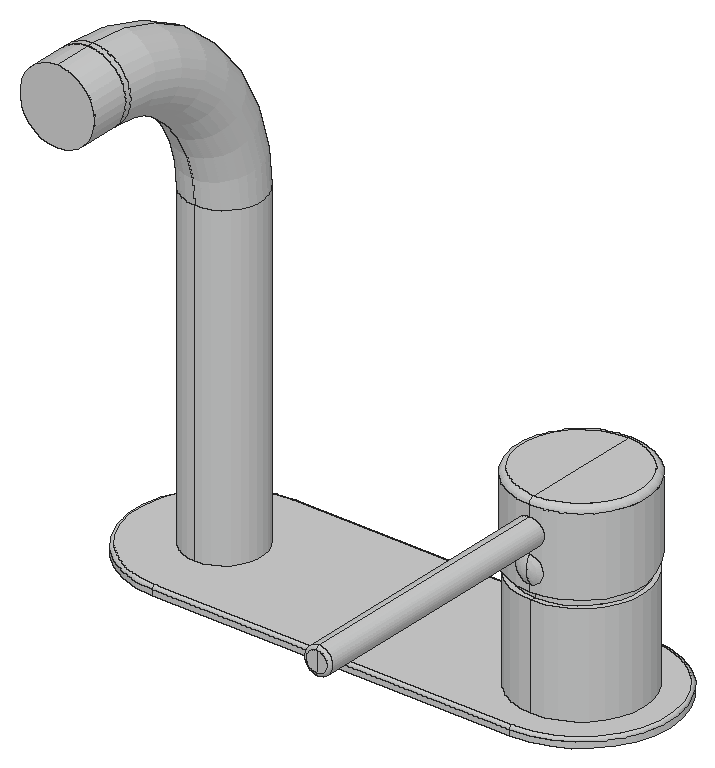
Revit family "MixerSet_Wall_Abey_LuciaBuilders_165_FaceBased", category Plumbing Fixtures, host Face, Revit 2022
Family settings
  Host = Face
  Round Connector Dimension = Use Diameter
  Part Type = Normal
  OmniClass Number = 23.31.11.19
  OmniClass Title = Faucet Mixing Valves
  Cut with Voids When Loaded = Yes
  Maintain Annotation Orientation = No
  Shared = No
  Room Calculation Point = No
Parameters (values of type "Chrome (4WS-EXT-165-LF)")
  Waste Connection = no
  Vent Connection = no
  Uniclass2015Version = "Products v1.38"
  Uniclass2015Title = "Mixer taps"
  Uniclass2015Code = "Pr_40_20_87_55"
  URL = "https://www.abey.com.au/"
  Type Comments = "Mixer Set - Wall - 165 - Chrome"
  ModifiedIssue = 20251103
  Model = "4WS-EXT-165-LF"
  Material = Metal_Abey_Chrome
  ManufacturerURLProductSpecific = "https://www.abeyspecifier.com.au/product/lucia-builders-wall-mixer-with-spout-external-only-165mm/"
  ManufacturerSpecCode = Model  # "4WS-EXT-165-LF"
  ManufacturerOverallWidth = 180 mm  # constant formula
  ManufacturerOverallHeight = 141 mm  # constant formula
  ManufacturerOverallDepth = 177.5 mm  # constant formula
  Manufacturer = "Abey"
  Keynote = ""
  IfcExportType = "FAUCET"
  IfcExportAs = "IfcValve"
  HW Connection = yes
  Description = "Lucia Builders Wall Mixer with Spout 165mm Chrome"
  Default Elevation = 1050 mm
  CreatedByURL = "https://igsgroup.com.au"
  CreatedBy = "IGS BIM Solutions"  # constant formula
  Cost = 0
  CW Connection = yes
  Assembly Code = "C1030210"
Types (3, lengths in mm): name | Type Comments | Model | Material | ManufacturerURLProductSpecific | ManufacturerSpecCode | Description
  Chrome (4WS-EXT-165-LF) | "Mixer Set - Wall - 165 - Chrome" | "4WS-EXT-165-LF" | Metal_Abey_Chrome | "https://www.abeyspecifier.com.au/product/lucia-builders-wall-mixer-with-spout-external-only-165mm/" | "4WS-EXT-165-LF" | "Lucia Builders Wall Mixer with Spout 165mm Chrome"
  Brushed Nickel (4WS-EXT-165-BN-LF) | "Mixer Set - Wall - 165 - Brushed Nickel" | "4WS-EXT-165-BN-LF" | Metal_Abey_BrushedNickel | "https://www.abeyspecifier.com.au/product/lucia-builders-wall-mixer-with-spout-external-only-165mm-3/" | "4WS-EXT-165-BN-LF" | "Lucia Builders Wall Mixer with Spout 165mm Brushed Nickel"
  Black (4WS-EXT-165-B-LF) | "Mixer Set - Wall - 165 - Black" | "4WS-EXT-165-B-LF" | Metal_Abey_Black | "https://www.abeyspecifier.com.au/product/lucia-builders-wall-mixer-with-spout-external-only-165mm-2/" | "4WS-EXT-165-B-LF" | "Lucia Builders Wall Mixer with Spout 165mm Black"
Reference planes
  plane 1 "Top": y = 31.5
  plane 2 "WallFace": z = 0
  plane 3 "Center (Left/Right)": x = -97.18
  plane 4 "Bottom": y = -109.5
  plane 5 "Left": x = -187.18
  plane 6 "Right": x = -7.18
  plane 7 "Back": z = 0
  plane 8 "Front": z = 177.5
  plane 9 "MountingHeight": y = 1.5
Forms (mm)
  Extrusion 1, void
    sketch origin (0, 0, 0) x (1, 0, 0) y (0, 1, 0)
      loop
        circle (-157.18, 1.5) r 15
    from 0 to -30
Text (mm)
  text "Disclaimer:\nDue to ongoing product development and manufacturing evolution, product details are subject to change without notice. Please refer to product technical data sheets on the manufacturers website for the most current product information. Please allow a +/- 5mm manufacturing tolerance for dimensions and set-outs shown in product literature." at (431.593, 11.453, 0), in view "Ref. Level"
Dimensions and locks
  equal spacing: plane 5 "Left", plane 3 "Center (Left/Right)", plane 6 "Right"
  "ManufacturerOverallWidth": plane 5 "Left" to plane 6 "Right"
  "ManufacturerOverallHeight": plane 4 "Bottom" to plane 1 "Top"
  "ManufacturerOverallDepth": plane 8 "Front" to plane 7 "Back"
  locked: plane 9 "MountingHeight" to plane 1 "Top" at 30
  aligned and locked: plane 2 "WallFace" to host face
  aligned and locked: level to host face
  aligned and locked: plane 7 "Back" to plane 2 "WallFace"
  aligned and locked: plane 7 "Back" to nested 1
  aligned and locked: plane 3 "Center (Left/Right)" to nested 1
  aligned and locked: nested 1 to plane 9 "MountingHeight"
Automatic sketch dimensions
  host sketch curve to host sketch curve = 329.098 mm
  host sketch curve to host sketch curve = 282.2 mm
  Extrusion 1 sketch curve to plane 9 "MountingHeight" = 0 mm
  Extrusion 1 sketch curve to plane 5 "Left" = 30 mm
  radius of Extrusion 1 sketch curve = 15 mm
Nested families
  nested 1: "z_MixerSet_Wall_Abey_LuciaBuilders_165" at (-92.174, 1.5, 305) x (1, 0, 0) z (0, 1, 0), type "Type 1"
Connectors
  piping at (-164.53, 1.5, -1), diameter 12.7, driven by "HW Connection"
    settings: on nested 1, index 1, connector inside diameter 24", connector length 0 mm, flow factor 0, pipe flow 0.00 L/s, pressure drop 0 kPa, fitting loss kfactor 0, connector angle 0.00°, fixture units 0, engagement length 0 mm, angle of deflection 0.00°, flow configuration 2, flow direction 1, fitting loss method 0, system type 19, joint type 0, gender type 0, connector reference index -1, connector utility 1, adjustable connector no, is connector primary yes, connector description "Hot Water Supply"
  piping at (-149.83, 1.5, -1), diameter 12.7, driven by "CW Connection"
    settings: on nested 1, index 2, connector inside diameter 24", connector length 0 mm, flow factor 0, pipe flow 0.00 L/s, pressure drop 0 kPa, fitting loss kfactor 0, connector angle 0.00°, fixture units 0, engagement length 0 mm, angle of deflection 0.00°, flow configuration 2, flow direction 1, fitting loss method 0, system type 20, joint type 0, gender type 0, connector reference index -1, connector utility 1, adjustable connector no, is connector primary no, connector description "Cold Water Supply"
Definition of nested family "z_MixerSet_Wall_Abey_LuciaBuilders_165"
  Parameters (values of type "Type 1")
    Waste Connection = no
    Vent Connection = no
    URL = "https://www.abey.com.au/"
    Type Comments = ""
    Model = ""
    ManufacturerOverallWidth = 180 mm  # constant formula
    ManufacturerOverallHeight = 141 mm  # constant formula
    ManufacturerOverallDepth = 177.5 mm  # constant formula
    Manufacturer = "Abey"
    HW Connection = yes
    Description = ""
    Default Elevation = 0 mm
    CreatedByURL = "https://igsgroup.com.au"
    CreatedBy = "IGS BIM Solutions"  # constant formula
    CW Connection = yes
    Material = none
    Assembly Code = ""
  Reference planes
    plane 1 "Ref. Level": z = 0
    plane 2 "Left": x = -95.006
    plane 3 "Back": y = 305
    plane 4 "SpoutCenter": y = 140
    plane 5 "SpoutCenter (Left/Right)": x = -65.006
    plane 6 "Front": y = 127.5
    plane 7 "Right": x = 84.994
    plane 8 "Top": z = 30
    plane 9 "MountingHeight": z = 0
    plane 10 "LeverCenter (Left/Right)": x = 54.994
    plane 11 "Center (Left/Right)": x = -5.006
    plane 12 "Bottom": z = -111
  Forms (mm)
    Extrusion 1, solid, material <- "Material"
      sketch origin (-45.006, 305, 1015.5) x (-1, 0, 0) y (0, 0, 1)
        loop
          circle (12.65, -1015.5) r 6.35
        loop
          circle (27.35, -1015.5) r 6.35
      from 0 to 1
    Sweep 2, solid, material <- "Material"
      path origin (-65.006, 1216.962, 4160) x (0, 1, 0) y (0, 0, 1)
        loop
          line (-911.962, -4160) -> (-1021.962, -4160)
          arc (-1021.962, -4160) -> (-1060.853, -4176.109) -> (-1076.962, -4215) r 55
          line (-1076.962, -4215) -> (-1076.962, -4217)
      profile origin (-65.006, 250, 0) x (0, 0, -1) y (1, 0, 0)
        loop
          circle (0, 0) r 12.5
    Extrusion 3, solid, material <- "Material"
      sketch origin (0, -1484, -81) x (0, -1, 0) y (-1, 0, 0)
        loop
          circle (-1624, 65.006) r 12.5
      from -11 to -24
    Sweep 4, solid, material <- "Material"
      path origin (-200, 305, 170) x (1, 0, 0) y (0, 0, 1)
        loop
          arc (134.994, -140) -> (104.994, -170) -> (134.994, -200) r 30
          line (134.994, -200) -> (254.994, -200)
          arc (254.994, -200) -> (284.994, -170) -> (254.994, -140) r 30
          line (254.994, -140) -> (134.994, -140)
      profile origin (-5.006, 305, 30) x (0, 0, 1) y (0, -1, 0)
        loop
          line (0, 0) -> (0, 2)
          arc (0, 2) -> (-0.293, 2.707) -> (-1, 3) r 1
          line (-1, 3) -> (-10, 3) -> (-10, 0) -> (0, 0)
    Extrusion 5, solid, material <- "Material"
      sketch origin (44.994, 295, 1050) x (0, 0, 1) y (1, 0, 0)
        loop
          line (-1030, -110) -> (-1030, 10)
          arc (-1030, 10) -> (-1050, 30) -> (-1070, 10) r 20
          line (-1070, 10) -> (-1070, -110)
          arc (-1070, -110) -> (-1050, -130) -> (-1030, -110) r 20
      from 7 to 10
    Revolve 6, solid, material <- "Material"
      sketch origin (54.994, 0, 0) x (0, 1, 0) y (0, 0, 1)
        loop
          line (302, 0) -> (302, 21) -> (268, 21) -> (268, 19.25)
          arc (268, 19.25) -> (263.795, 18.716) -> (260, 16.829) r 12.712
          line (260, 16.829) -> (260, 0) -> (268, 0) -> (302, 0)
        axis (260, 0) -> (302, 0)
      angle from 0 to 360
    Revolve 7, solid, material <- "Material"
      sketch origin (54.994, 0, 0) x (0, 1, 0) y (0, 0, 1)
        loop
          line (265, 0) -> (265, 21.768) -> (239, 21.768)
          arc (239, 21.768) -> (237.586, 21.183) -> (237, 19.768) r 2
          line (237, 19.768) -> (237, 0) -> (265, 0)
        axis (237, 0) -> (265, 0)
      angle from 0 to 360
    Revolve 8, solid, material <- "Material"
      sketch origin (54.994, 0, 0) x (0, 1, 0) y (0, 0, 1)
        loop
          line (247, -111) -> (247, -13.546) -> (242.5, -13.546) -> (242.5, -110)
          arc (242.5, -110) -> (242.793, -110.707) -> (243.5, -111) r 1
          line (243.5, -111) -> (247, -111)
        axis (247, -111) -> (247, -13.546)
      angle from 0 to 360
    Extrusion 9, void
      sketch origin (54.994, 1216.962, 4153.735) x (0, 1, 0) y (0, 0, 1)
        loop
          line (-951.962, -4153.735) -> (-951.962, -4131.077) -> (-958.459, -4131.077) -> (-951.962, -4153.735)
      from -30 to 30
    Revolve 10, solid, material <- "Material"
      sketch origin (54.994, 0, 0) x (0, 1, 0) y (0, 0, 1)
        loop
          line (260.75, -21.768) -> (260.75, -16.768) -> (258.25, -16.768) -> (258.25, -21.768) -> (258.25, -23.056)
          arc (258.25, -23.056) -> (260.59, -22.728) -> (262.75, -21.768) r 8.507
          line (262.75, -21.768) -> (260.75, -21.768)
        axis (258.25, -23.056) -> (258.25, -16.768)
      angle from 0 to 360
  Cuts and joins
    Extrusion 9 cuts Revolve 7
    joined: Sweep 2, Sweep 4, Extrusion 5, Revolve 6, Revolve 7, Revolve 8
  Lines and regions (mm)
    Masking region 1
      outline origin (0, 0, 30) x (0, -1, 0) y (1, 0, 0)
        loop
          line (-305, -95.006) -> (-303, -95.006)
          arc (-303, -95.006) -> (-302.293, -94.713) -> (-302, -94.006) r 1
          line (-302, -94.006) -> (-302, -77.506) -> (-140, -77.506)
          arc (-140, -77.506) -> (-127.5, -65.006) -> (-140, -52.506) r 12.5
          line (-140, -52.506) -> (-302, -52.506) -> (-302, 33.994) -> (-268, 33.994) -> (-268, 35.744)
          arc (-268, 35.744) -> (-266.494, 35.766) -> (-265, 35.959) r 13.298
          line (-265, 35.959) -> (-265, 33.225) -> (-239, 33.225)
          arc (-239, 33.225) -> (-237.586, 33.811) -> (-237, 35.225) r 2
          line (-237, 35.225) -> (-237, 74.762)
          arc (-237, 74.762) -> (-237.586, 76.176) -> (-239, 76.762) r 2
          line (-239, 76.762) -> (-265, 76.762) -> (-265, 74.028)
          arc (-265, 74.028) -> (-266.494, 74.221) -> (-268, 74.244) r 13.298
          line (-268, 74.244) -> (-268, 75.994) -> (-302, 75.994) -> (-302, 83.994)
          arc (-302, 83.994) -> (-302.293, 84.701) -> (-303, 84.994) r 1
          line (-303, 84.994) -> (-305, 84.994) -> (-305, -95.006)
    symbolic lines, detail levels medium+fine
      curve 1: line (-77.506, 302, 30) -> (-52.506, 302, 30)
      curve 3: line (33.994, 302, 30) -> (75.994, 302, 30)
      curve 4: line (35.744, 268, 30) -> (74.244, 268, 30)
      curve 5: spline (54.994, 258.745, 30) -> (52.1, 258.815, 30) -> (49.264, 258.989, 30) -> (46.534, 259.263, 30) -> (43.958, 259.633, 30) -> (41.578, 260.092, 30) -> (39.437, 260.633, 30) -> (37.569, 261.247, 30) -> (36.008, 261.922, 30) -> (34.78, 262.648, 30) -> (33.906, 263.411, 30) -> (33.4, 264.2, 30) -> (33.273, 265, 30)
      curve 6: spline (35.958, 265, 30) -> (36.264, 264.349, 30) -> (36.866, 263.714, 30) -> (37.754, 263.105, 30) -> (38.913, 262.532, 30) -> (40.325, 262.004, 30) -> (41.968, 261.529, 30) -> (43.815, 261.115, 30) -> (45.837, 260.768, 30) -> (48.001, 260.495, 30) -> (50.273, 260.299, 30) -> (52.616, 260.183, 30) -> (54.994, 260.15, 30)
      curve 7: spline (76.715, 265, 30) -> (76.587, 264.2, 30) -> (76.082, 263.411, 30) -> (75.208, 262.648, 30) -> (73.979, 261.922, 30) -> (72.418, 261.247, 30) -> (70.551, 260.633, 30) -> (68.409, 260.092, 30) -> (66.03, 259.633, 30) -> (63.453, 259.263, 30) -> (60.724, 258.989, 30) -> (57.888, 258.815, 30) -> (54.994, 258.745, 30)
      curve 8: spline (54.994, 260.15, 30) -> (57.371, 260.183, 30) -> (59.715, 260.299, 30) -> (61.987, 260.495, 30) -> (64.151, 260.768, 30) -> (66.172, 261.115, 30) -> (68.019, 261.529, 30) -> (69.662, 262.004, 30) -> (71.074, 262.532, 30) -> (72.233, 263.105, 30) -> (73.121, 263.714, 30) -> (73.723, 264.349, 30) -> (74.03, 265, 30)
    symbolic lines
      curve 2: arc (-77.506, 127.5, 0) -> (-65.006, 127.5, 12.5) -> (-52.506, 127.5, 0) r 12.5
  Dimensions and locks
    "ManufacturerOverallDepth": plane 3 "Back" to plane 6 "Front"
    locked: plane 4 "SpoutCenter" to plane 6 "Front" at 12.5
    locked: plane 2 "Left" to plane 5 "SpoutCenter (Left/Right)" at 30
    "ManufacturerOverallWidth": plane 2 "Left" to plane 7 "Right"
    locked: plane 8 "Top" to plane 9 "MountingHeight" at 30
    plane 10 "LeverCenter (Left/Right)" to plane 7 "Right" = 30 mm
    equal spacing: plane 2 "Left", plane 11 "Center (Left/Right)", plane 7 "Right"
    "ManufacturerOverallHeight": plane 8 "Top" to plane 12 "Bottom"
    aligned and locked: level to plane 1 "Ref. Level"
  Automatic sketch dimensions
    Extrusion 1 sketch curve to level = 0 mm  (x2)
    plane 5 "SpoutCenter (Left/Right)" to Extrusion 1 sketch curve = 7.35 mm
    Extrusion 1 sketch curve to plane 5 "SpoutCenter (Left/Right)" = 7.35 mm
    Sweep 2 sketch curve to plane 5 "SpoutCenter (Left/Right)" = 0 mm
    Sweep 2 sketch curve to profile plane = 0 mm
    Extrusion 3 sketch curve to plane 4 "SpoutCenter" = 0 mm
    Extrusion 3 sketch curve to plane 5 "SpoutCenter (Left/Right)" = 0 mm
    curve 2 to level = 0 mm
    curve 2 to plane 5 "SpoutCenter (Left/Right)" = 0 mm
    plane 5 "SpoutCenter (Left/Right)" to curve 2 = 12.5 mm
    Sweep 2 sketch curve to plane 4 "SpoutCenter" = 0 mm
    Sweep 2 sketch curve to level = 0 mm
    Sweep 2 sketch curve to plane 3 "Back" = 0 mm
    Sweep 2 sketch curve to Sweep 2 sketch curve = 2 mm
    Sweep 4 sketch curve to plane 5 "SpoutCenter (Left/Right)" = 0 mm
    Sweep 4 sketch curve to plane 8 "Top" = 0 mm
    Sweep 4 sketch curve to level = 0 mm
    plane 7 "Right" to Sweep 4 sketch curve = 30 mm
    Sweep 4 sketch curve to plane 3 "Back" = 0 mm
    profile plane to Sweep 4 sketch curve = 0 mm
    profile plane to Sweep 4 sketch curve = 1 mm
    Sweep 4 sketch curve to Sweep 4 sketch curve = 9 mm
    plane 3 "Back" to Sweep 4 sketch curve = 2 mm
    Extrusion 5 sketch curve to plane 5 "SpoutCenter (Left/Right)" = 0 mm
    Extrusion 5 sketch curve to level = 0 mm
    Extrusion 5 sketch curve to Extrusion 5 sketch curve = 20 mm
    plane 7 "Right" to Extrusion 5 sketch curve = 30 mm
    Revolve 6 sketch curve to level = 0 mm  (x2)
    plane 3 "Back" to Revolve 6 sketch curve = 45 mm
    Revolve 6 sketch curve to Revolve 6 sketch curve = 7.477 mm
    Revolve 6 sketch curve to Revolve 6 sketch curve = 8 mm
    Revolve 6 sketch curve to Revolve 6 sketch curve = 0.523 mm
    plane 3 "Back" to Revolve 6 sketch curve = 3 mm
    level to Revolve 6 sketch curve = 6.549 mm
    Revolve 6 sketch curve to Revolve 6 sketch curve = 10.28 mm
    Revolve 6 sketch curve to Revolve 6 sketch curve = 1.75 mm
    Revolve 6 sketch curve to Revolve 6 sketch curve = 0 mm
    Revolve 6 sketch curve to Revolve 6 sketch curve = 7.352 mm
    Revolve 7 sketch curve to level = 0 mm  (x2)
    plane 3 "Back" to Revolve 7 sketch curve = 68 mm
    Revolve 7 sketch curve to Revolve 7 sketch curve = 2 mm
    plane 8 "Top" to Revolve 7 sketch curve = 8.232 mm
    Revolve 7 sketch curve to Revolve 7 sketch curve = 26 mm
    Revolve 7 sketch curve to Revolve 7 sketch curve = 0 mm
    Revolve 7 sketch curve to Revolve 7 sketch curve = 8.533 mm
    Revolve 8 sketch curve to level = 13.546 mm
    plane 3 "Back" to Revolve 8 sketch curve = 62.5 mm
    Revolve 8 sketch curve to Revolve 8 sketch curve = 1 mm
    Revolve 8 sketch curve to Revolve 8 sketch curve = 4.5 mm
    Revolve 8 sketch curve to Revolve 8 sketch curve = 0 mm
    Extrusion 9 sketch curve to level = 0 mm
    plane 3 "Back" to Extrusion 9 sketch curve = 40 mm
    plane 8 "Top" to Extrusion 9 sketch curve = 7.342 mm
    Extrusion 9 sketch curve to Extrusion 9 sketch curve = 6.497 mm
    Revolve 10 sketch curve to level = 14.55 mm
    plane 3 "Back" to Revolve 10 sketch curve = 46.75 mm
    Revolve 10 sketch curve to Revolve 10 sketch curve = 2.5 mm
    Revolve 10 sketch curve to Revolve 10 sketch curve = 2 mm
    Revolve 10 sketch curve to Revolve 10 sketch curve = 2.219 mm
    Revolve 10 sketch curve to Revolve 10 sketch curve = 5 mm
    Revolve 10 sketch curve to Revolve 10 sketch curve = 1.288 mm
    Revolve 10 sketch curve to Revolve 10 sketch curve = 0 mm  (x3)
    plane 3 "Back" to Masking region 1 sketch curve = 0 mm
    Masking region 1 sketch curve to plane 2 "Left" = 0 mm
    Masking region 1 sketch curve to plane 7 "Right" = 0 mm
    Masking region 1 sketch curve to plane 4 "SpoutCenter" = 0 mm
    Masking region 1 sketch curve to plane 5 "SpoutCenter (Left/Right)" = 0 mm
    Masking region 1 sketch curve to Masking region 1 sketch curve = 2 mm  (x3)
    plane 3 "Back" to Masking region 1 sketch curve = 3 mm  (x2)
    Masking region 1 sketch curve to Masking region 1 sketch curve = 1 mm
    plane 7 "Right" to Masking region 1 sketch curve = 10.75 mm
    Masking region 1 sketch curve to Masking region 1 sketch curve = 34 mm
    Masking region 1 sketch curve to plane 10 "LeverCenter (Left/Right)" = 5.964 mm
    Masking region 1 sketch curve to Masking region 1 sketch curve = 0.553 mm
    plane 10 "LeverCenter (Left/Right)" to Masking region 1 sketch curve = 5.964 mm
    Masking region 1 sketch curve to Masking region 1 sketch curve = 0 mm
    Masking region 1 sketch curve to Masking region 1 sketch curve = 3 mm  (x2)
    Masking region 1 sketch curve to Masking region 1 sketch curve = 26 mm  (x2)
    plane 7 "Right" to Masking region 1 sketch curve = 10.232 mm
    Masking region 1 sketch curve to Masking region 1 sketch curve = 12.5 mm
    Masking region 1 sketch curve to Masking region 1 sketch curve = 0.768 mm
    Masking region 1 sketch curve to Masking region 1 sketch curve = 1.75 mm  (x2)
    Masking region 1 sketch curve to Masking region 1 sketch curve = 2.734 mm
    Masking region 1 sketch curve to plane 10 "LeverCenter (Left/Right)" = 21 mm
    plane 3 "Back" to curve 1 = 3 mm
    curve 1 to plane 5 "SpoutCenter (Left/Right)" = 12.5 mm
    plane 3 "Back" to curve 3 = 3 mm
    plane 7 "Right" to curve 4 = 10.75 mm
    curve 3 to curve 4 = 34 mm
    plane 5 "SpoutCenter (Left/Right)" to curve 1 = 12.5 mm
    curve 3 to plane 10 "LeverCenter (Left/Right)" = 21 mm
    curve 4 to plane 10 "LeverCenter (Left/Right)" = 19.25 mm
    plane 7 "Right" to curve 3 = 9 mm
    curve 4 to curve 6 = 2.658 mm
    curve 6 to curve 7 = 0.342 mm
    curve 4 to curve 5 = 3 mm
    curve 5 to curve 6 = 0 mm
    curve 5 to curve 5 = 0.131 mm
    curve 7 to curve 7 = 0.131 mm
    curve 6 to plane 10 "LeverCenter (Left/Right)" = 0 mm
    curve 7 to curve 6 = 4.718 mm
    plane 10 "LeverCenter (Left/Right)" to curve 7 = 0 mm
    curve 6 to curve 7 = 1.405 mm
    curve 5 to curve 4 = 2.476 mm
    curve 5 to curve 5 = 0.005 mm
    curve 5 to curve 6 = 2.685 mm
    curve 7 to plane 10 "LeverCenter (Left/Right)" = 0.496 mm
    curve 6 to plane 10 "LeverCenter (Left/Right)" = 0.241 mm
    curve 6 to curve 7 = 3.127 mm
    curve 6 to curve 8 = 0 mm
    curve 8 to curve 8 = 0.342 mm
    plane 10 "LeverCenter (Left/Right)" to curve 8 = 0.241 mm
    curve 6 to curve 8 = 0.441 mm
    Sweep 2 sketch curve to Sweep 2 sketch curve = 55 mm
    Revolve 8 sketch curve to Revolve 8 sketch curve = 96.454 mm
    Revolve 8 sketch curve to Revolve 8 sketch curve = 32.297 mm
    Revolve 8 sketch curve to Revolve 8 sketch curve = 30 mm
    radius of Extrusion 1 sketch curve = 6.35 mm  (x2)
    radius of Sweep 2 sketch curve = 12.5 mm
    radius of Extrusion 3 sketch curve = 12.5 mm
